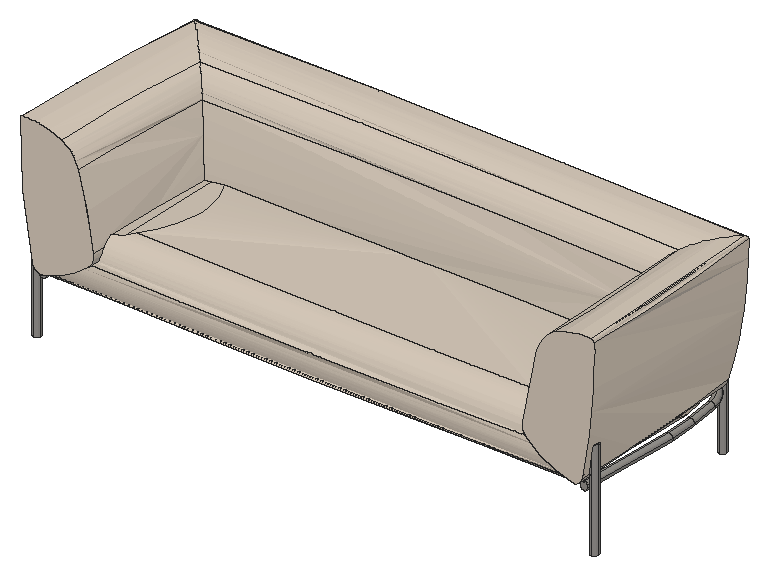
Revit family "FU_Sofa_Sandler_Aria 412-22", category Furniture, Revit 2020
Family settings
  OmniClass Number = 23.40.20.00
  OmniClass Title = General Furniture and Specialties
  Work Plane-Based = No
  Always vertical = Yes
  Cut with Voids When Loaded = No
  Shared = No
  Room Calculation Point = No
Parameters (values of type "Aria 412.22")
  Width = 2200 mm
  URL = "https://www.sandlerseating.com/product/aria-412-22/"
  Seat [instance] = Fabric - Manhattan - Bronx YI364
  Model = "Aria 412.22"
  Manufacturer = "Sandler"
  Height = 760 mm
  Frame [instance] = Metal Lacquers - F074 Mud
  Description = "Upholstered sofa with steel frame."
  Depth = 800 mm
  Default Elevation = 0 mm
Reference planes
  plane 1 "Center (Front/Back)": y = 0
  plane 2: z = 0
  plane 3 "Center (Left/Right)": x = 0
  plane 4 "Right": x = -1100
  plane 5 "Left": x = 1100
  plane 6 "Back": y = 400
  plane 7 "Front": y = -400
  plane 8 "Height": z = 760
  plane 9 "Seat height": z = 430
  plane 10 "FRL FRONT": x = -1066.27
  plane 11 "BRL FRONT": x = -977.998
  plane 12 "Frame Support FRONT": z = 225.024
Forms (mm)
  Sweep 1, solid, material "Metal Lacquers - F074 Mud" <- "Frame"
    path origin (-1066.27, 0, 0) x (0, 0, 1) y (0, -1, 0)
      loop
        line (0, 359.337) -> (378, 359.337)
    profile "Pro_Circles : 30mm" origin (-1066.27, -359.337, 189) x (0, -1, 0) y (1, 0, 0)
      loop
        arc (-14.967, 0.067) -> (-10.65, -10.556) -> (-0.067, -14.967) r 14.901
        arc (-0.067, -14.967) -> (10.603, -10.603) -> (14.967, 0.067) r 14.901
        arc (14.967, 0.067) -> (10.556, 10.65) -> (-0.067, 14.967) r 14.9
        arc (-0.067, 14.967) -> (-10.602, 10.602) -> (-14.967, 0.067) r 14.9
  Sweep 2, solid, material "Metal Lacquers - F074 Mud" <- "Frame"
    path origin (-977.998, 0, 0) x (0, 0, 1) y (0, -1, 0)
      loop
        line (586, -364.707) -> (0, -364.707)
    profile "Pro_Circles : 30mm" origin (-977.998, 364.707, 293) x (0, 1, 0) y (1, 0, 0)
      loop
        arc (-14.967, 0.067) -> (-10.65, -10.556) -> (-0.067, -14.967) r 14.901
        arc (-0.067, -14.967) -> (10.603, -10.603) -> (14.967, 0.067) r 14.901
        arc (14.967, 0.067) -> (10.556, 10.65) -> (-0.067, 14.967) r 14.9
        arc (-0.067, 14.967) -> (-10.602, 10.602) -> (-14.967, 0.067) r 14.9
  Sweep 3, solid, material "Metal Lacquers - F074 Mud" <- "Frame"
    path origin (0, 0, 225.024) x (0, -1, 0) y (1, 0, 0)
      loop
        line (369.394, -1035.234) -> (-18.546, -1048.388)
        arc (-18.546, -1048.388) -> (-73.261, -1047.884) -> (-127.73, -1042.672) r 635
        line (-127.73, -1042.672) -> (-246.28, -1026.148)
        arc (-246.28, -1026.148) -> (-334.133, -981.048) -> (-374.851, -891.08) r 149.856
        line (-374.851, -891.08) -> (-380.195, -753.404)
    profile "Pro_Circles : 30mm" origin (-1041.811, -175.424, 225.024) x (-0.999426, -0.033889, 0) y (0, 0, 1)
      loop
        arc (-14.967, 0.067) -> (-10.65, -10.556) -> (-0.067, -14.967) r 14.901
        arc (-0.067, -14.967) -> (10.603, -10.603) -> (14.967, 0.067) r 14.901
        arc (14.967, 0.067) -> (10.556, 10.65) -> (-0.067, 14.967) r 14.9
        arc (-0.067, 14.967) -> (-10.602, 10.602) -> (-14.967, 0.067) r 14.9
  Sweep 4, solid, material "Metal Lacquers - F074 Mud" <- "Frame"
    path origin (1066.27, 0, 0) x (0, 0, 1) y (0, 1, 0)
      loop
        line (0, -359.337) -> (378, -359.337)
    profile "Pro_Circles : 30mm" origin (1066.27, -359.337, 189) x (0, 1, 0) y (-1, 0, 0)
      loop
        arc (14.967, 0.067) -> (10.602, 10.602) -> (0.067, 14.967) r 14.9
        arc (0.067, 14.967) -> (-10.556, 10.65) -> (-14.967, 0.067) r 14.9
        arc (-14.967, 0.067) -> (-10.603, -10.603) -> (0.067, -14.967) r 14.901
        arc (0.067, -14.967) -> (10.65, -10.556) -> (14.967, 0.067) r 14.901
  Sweep 5, solid, material "Metal Lacquers - F074 Mud" <- "Frame"
    path origin (977.998, 0, 0) x (0, 0, 1) y (0, 1, 0)
      loop
        line (586, 364.707) -> (0, 364.707)
    profile "Pro_Circles : 30mm" origin (977.998, 364.707, 293) x (0, -1, 0) y (-1, 0, 0)
      loop
        arc (14.967, 0.067) -> (10.602, 10.602) -> (0.067, 14.967) r 14.9
        arc (0.067, 14.967) -> (-10.556, 10.65) -> (-14.967, 0.067) r 14.9
        arc (-14.967, 0.067) -> (-10.603, -10.603) -> (0.067, -14.967) r 14.901
        arc (0.067, -14.967) -> (10.65, -10.556) -> (14.967, 0.067) r 14.901
  Sweep 6, solid, material "Metal Lacquers - F074 Mud" <- "Frame"
    path origin (0, 0, 225.024) x (0, -1, 0) y (-1, 0, 0)
      loop
        line (369.394, -1035.234) -> (-18.546, -1048.388)
        arc (-18.546, -1048.388) -> (-73.261, -1047.884) -> (-127.73, -1042.672) r 635
        line (-127.73, -1042.672) -> (-246.28, -1026.148)
        arc (-246.28, -1026.148) -> (-334.133, -981.048) -> (-374.851, -891.08) r 149.856
        line (-374.851, -891.08) -> (-380.195, -753.404)
    profile "Pro_Circles : 30mm" origin (1041.811, -175.424, 225.024) x (-0.999426, 0.033889, 0) y (0, 0, 1)
      loop
        arc (14.967, 0.067) -> (10.602, 10.602) -> (0.067, 14.967) r 14.9
        arc (0.067, 14.967) -> (-10.556, 10.65) -> (-14.967, 0.067) r 14.9
        arc (-14.967, 0.067) -> (-10.603, -10.603) -> (0.067, -14.967) r 14.901
        arc (0.067, -14.967) -> (10.65, -10.556) -> (14.967, 0.067) r 14.901
  Sweep 7, solid, material "Fabric - Manhattan - Bronx YI364" <- "Seat"
    path origin (0, 0, 225.024) x (0, -1, 0) y (1, 0, 0)
      loop
        arc (382.146, -1091.077) -> (400, 0) -> (382.146, 1091.077) r 33346.802
    profile "Pro_AriaSofa_Seat : Pro_AriaSofa_Seat" origin (0, -400, 225.024) x (0, 1, 0) y (0, 0, 1)
      loop
        arc (120.1, 195.363) -> (47.504, 169.317) -> (7.516, 103.365) r 115.433
        arc (7.516, 103.365) -> (-0.897, 58.642) -> (7.516, 13.918) r 123.084
        arc (7.516, 13.918) -> (35.946, -8.155) -> (71.24, -15.214) r 78.476
        line (71.24, -15.214) -> (571.04, -15.214)
        arc (571.04, -15.214) -> (649.825, -3.543) -> (725.974, 19.794) r 530.368
        arc (725.974, 19.794) -> (749.747, 45.619) -> (744.002, 80.247) r 40
        arc (744.002, 80.247) -> (657.046, 159.393) -> (545.1, 195.363) r 277.144
        arc (545.1, 195.363) -> (332.6, 205.693) -> (120.1, 195.363) r 2190.93
  Extrusion 8, void
    sketch origin (0, 0, 0) x (1, 0, 0) y (0, 0, 1)
      loop
        arc (-1004.568, 312.946) -> (-900.003, 383.013) -> (-778.941, 417.467) r 403.67
        line (-778.941, 417.467) -> (-525.797, 448.178) -> (-1115.797, 448.178) -> (-1115.797, 188.178) -> (-881.831, 188.178) -> (-992.965, 222.79)
        arc (-992.965, 222.79) -> (-1027.688, 264.146) -> (-1004.568, 312.946) r 50
    from -425.199 to 431.727
  Extrusion 9, void
    sketch origin (0, 0, 0) x (-1, 0, 0) y (0, 0, -1)
      loop
        arc (-1004.568, -312.946) -> (-1027.688, -264.146) -> (-992.965, -222.79) r 50
        line (-992.965, -222.79) -> (-881.831, -188.178) -> (-1115.797, -188.178) -> (-1115.797, -448.178) -> (-525.797, -448.178) -> (-778.941, -417.467)
        arc (-778.941, -417.467) -> (-900.003, -383.013) -> (-1004.568, -312.946) r 403.67
    from -425.199 to 431.727
  Extrusion 10, void
    sketch origin (0, 0, 225.024) x (0, -1, 0) y (1, 0, 0)
      loop
        arc (384.653, -1004.471) -> (377.324, -1019.008) -> (362.599, -1025.951) r 25
        arc (362.599, -1025.951) -> (56.95, -1045.159) -> (-242.789, -982.341) r 1140.465
        arc (-242.789, -982.341) -> (-314.744, -933.66) -> (-353.999, -856.159) r 173.158
        line (-353.999, -856.159) -> (-365.352, -711.604) -> (-400, -711.604) -> (-400, -1066.27) -> (400, -1066.27) -> (400, -977.998) -> (388.256, -977.998) -> (384.653, -1004.471)
    from -45.875 to 233.729
  Extrusion 11, void
    sketch origin (0, 0, 225.024) x (0, -1, 0) y (1, 0, 0)
      loop
        line (384.653, 1004.471) -> (388.256, 977.998) -> (400, 977.998) -> (400, 1066.27) -> (-400, 1066.27) -> (-400, 711.604) -> (-365.352, 711.604) -> (-353.999, 856.159)
        arc (-353.999, 856.159) -> (-314.744, 933.66) -> (-242.789, 982.341) r 173.158
        arc (-242.789, 982.341) -> (56.95, 1045.159) -> (362.599, 1025.951) r 1140.465
        arc (362.599, 1025.951) -> (377.324, 1019.008) -> (384.653, 1004.471) r 25
    from -45.875 to 233.729
  Sweep 12, solid, material "Fabric - Manhattan - Bronx YI364" <- "Seat"
    path origin (0, 0, 225.024) x (0, -1, 0) y (1, 0, 0)
      loop
        arc (400, -1099.407) -> (6.571, -1092.837) -> (-385.575, -1060.407) r 5979.838
        arc (-385.575, -1060.407) -> (-400, 0) -> (-385.575, 1060.407) r 38982.107
        arc (-385.575, 1060.407) -> (6.571, 1092.837) -> (400, 1099.407) r 5979.838
    profile "Pro_AriaSofa_Back : Pro_AriaSofa_Back" origin (0, 400, 225.024) x (0, 1, 0) y (0, 0, 1)
      loop
        arc (-279.949, 156.108) -> (-276.419, 126.554) -> (-259.122, 102.333) r 60
        arc (-259.122, 102.333) -> (-179.02, 49.731) -> (-88.777, 17.486) r 403.797
        arc (-88.777, 17.486) -> (-62.03, 22.193) -> (-46.701, 44.613) r 35
        arc (-46.701, 44.613) -> (-11.028, 283.193) -> (-0.725, 524.206) r 2283.333
        arc (-0.725, 524.206) -> (-4.033, 532.359) -> (-12.014, 536.064) r 12
        arc (-12.014, 536.064) -> (-87.366, 530.478) -> (-158.589, 505.249) r 284.419
        arc (-158.589, 505.249) -> (-197.735, 469.797) -> (-223.014, 423.426) r 158.042
        arc (-223.014, 423.426) -> (-256.701, 290.879) -> (-279.949, 156.108) r 1752.259
Cuts and joins
  Extrusion 8, Extrusion 9, Extrusion 10, Extrusion 11 cuts Sweep 7
  Extrusion 11 cuts Sweep 1
  Extrusion 11 cuts Sweep 2
  Extrusion 11 cuts Sweep 3
Dimensions and locks
  equal spacing: plane 4 "Right", plane 3 "Center (Left/Right)", plane 5 "Left"
  "Width": plane 4 "Right" to plane 5 "Left"
  equal spacing: plane 6 "Back", plane 1 "Center (Front/Back)", plane 7 "Front"
  "Depth": plane 6 "Back" to plane 7 "Front"
  "Height": plane 8 "Height" to level
  plane 9 "Seat height" to level = 430 mm
  aligned and locked: level to plane 2
Automatic sketch dimensions
  Sweep 1 sketch curve to level = 0 mm
  Sweep 1 sketch curve to plane 9 "Seat height" = 52 mm
  plane 7 "Front" to Sweep 1 sketch curve = 40.663 mm
  Sweep 2 sketch curve to level = 0 mm
  Sweep 2 sketch curve to plane 6 "Back" = 35.293 mm
  plane 9 "Seat height" to Sweep 2 sketch curve = 156 mm
  Sweep 3 sketch curve to plane 6 "Back" = 25.149 mm
  plane 10 "FRL FRONT" to Sweep 3 sketch curve = 40.123 mm
  Sweep 3 sketch curve to plane 6 "Back" = 153.72 mm
  plane 11 "BRL FRONT" to Sweep 3 sketch curve = 100.271 mm
  Sweep 3 sketch curve to Sweep 3 sketch curve = 149.26 mm
  plane 10 "FRL FRONT" to Sweep 3 sketch curve = 23.598 mm
  Sweep 3 sketch curve to Sweep 3 sketch curve = 118.55 mm
  Sweep 3 sketch curve to plane 1 "Center (Front/Back)" = 40.065 mm
  Sweep 3 sketch curve to plane 1 "Center (Front/Back)" = 18.546 mm
  Sweep 3 sketch curve to Sweep 3 sketch curve = 5.716 mm
  Sweep 3 sketch curve to plane 6 "Back" = 19.805 mm
  plane 7 "Front" to Sweep 3 sketch curve = 30.606 mm
  plane 10 "FRL FRONT" to Sweep 3 sketch curve = 31.037 mm
  Sweep 3 sketch curve to Sweep 3 sketch curve = 137.676 mm
  Sweep 4 sketch curve to level = 0 mm
  plane 7 "Front" to Sweep 4 sketch curve = 40.663 mm
  Sweep 4 sketch curve to plane 9 "Seat height" = 52 mm
  Sweep 5 sketch curve to level = 0 mm
  Sweep 5 sketch curve to plane 6 "Back" = 35.293 mm
  plane 9 "Seat height" to Sweep 5 sketch curve = 156 mm
  plane 6 "Back" to Sweep 6 sketch curve = 25.149 mm
  plane 6 "Back" to Sweep 6 sketch curve = 153.72 mm
  Sweep 6 sketch curve to Sweep 6 sketch curve = 149.26 mm
  Sweep 6 sketch curve to plane 5 "Left" = 57.328 mm
  Sweep 6 sketch curve to Sweep 6 sketch curve = 118.55 mm
  plane 1 "Center (Front/Back)" to Sweep 6 sketch curve = 40.065 mm
  plane 1 "Center (Front/Back)" to Sweep 6 sketch curve = 18.546 mm
  Sweep 6 sketch curve to Sweep 6 sketch curve = 5.716 mm
  Sweep 6 sketch curve to plane 5 "Left" = 73.852 mm
  Sweep 6 sketch curve to Sweep 6 sketch curve = 135.068 mm
  plane 6 "Back" to Sweep 6 sketch curve = 19.805 mm
  Sweep 6 sketch curve to plane 7 "Front" = 30.606 mm
  Sweep 6 sketch curve to plane 5 "Left" = 64.766 mm
  Sweep 6 sketch curve to Sweep 6 sketch curve = 137.676 mm
  Sweep 7 sketch curve to plane 3 "Center (Left/Right)" = 0 mm
  plane 6 "Back" to Sweep 7 sketch curve = 32546.802 mm
  plane 5 "Left" to Sweep 7 sketch curve = 8.923 mm
  plane 7 "Front" to Sweep 7 sketch curve = 17.854 mm
  Sweep 7 sketch curve to plane 4 "Right" = 8.923 mm
  plane 4 "Right" to Extrusion 8 sketch curve = 15.797 mm
  plane 12 "Frame Support FRONT" to Extrusion 8 sketch curve = 2.234 mm
  Extrusion 8 sketch curve to plane 11 "BRL FRONT" = 14.967 mm
  Extrusion 8 sketch curve to plane 11 "BRL FRONT" = 0.1 mm
  plane 12 "Frame Support FRONT" to Extrusion 8 sketch curve = 36.846 mm
  plane 11 "BRL FRONT" to Extrusion 8 sketch curve = 96.167 mm
  Extrusion 8 sketch curve to plane 9 "Seat height" = 12.533 mm
  plane 11 "BRL FRONT" to Extrusion 8 sketch curve = 199.057 mm
  level to Extrusion 8 sketch curve = 16.736 mm
  Extrusion 8 sketch curve to Extrusion 8 sketch curve = 151.505 mm
  plane 9 "Seat height" to Extrusion 8 sketch curve = 18.178 mm
  Extrusion 8 sketch curve to Extrusion 8 sketch curve = 253.144 mm
  Extrusion 8 sketch curve to Extrusion 8 sketch curve = 47.738 mm
  plane 5 "Left" to Extrusion 9 sketch curve = 15.797 mm
  Extrusion 9 sketch curve to plane 12 "Frame Support FRONT" = 2.234 mm
  Extrusion 9 sketch curve to plane 5 "Left" = 107.035 mm
  Extrusion 9 sketch curve to Extrusion 9 sketch curve = 14.868 mm
  Extrusion 9 sketch curve to plane 12 "Frame Support FRONT" = 36.846 mm
  Extrusion 9 sketch curve to Extrusion 9 sketch curve = 111.134 mm
  plane 9 "Seat height" to Extrusion 9 sketch curve = 12.533 mm
  Extrusion 9 sketch curve to Extrusion 9 sketch curve = 199.156 mm
  Extrusion 9 sketch curve to level = 16.736 mm
  Extrusion 9 sketch curve to Extrusion 9 sketch curve = 151.505 mm
  Extrusion 9 sketch curve to plane 9 "Seat height" = 18.178 mm
  Extrusion 9 sketch curve to Extrusion 9 sketch curve = 253.144 mm
  Extrusion 9 sketch curve to Extrusion 9 sketch curve = 47.738 mm
  Extrusion 10 sketch curve to plane 6 "Back" = 0 mm
  Extrusion 10 sketch curve to plane 11 "BRL FRONT" = 0 mm
  Extrusion 10 sketch curve to plane 7 "Front" = 0 mm
  Extrusion 10 sketch curve to plane 10 "FRL FRONT" = 0 mm
  Extrusion 10 sketch curve to plane 6 "Back" = 34.648 mm
  Extrusion 10 sketch curve to plane 6 "Back" = 46.001 mm
  Extrusion 10 sketch curve to Extrusion 10 sketch curve = 169.161 mm
  plane 1 "Center (Front/Back)" to Extrusion 10 sketch curve = 138.893 mm
  Extrusion 10 sketch curve to plane 11 "BRL FRONT" = 23.101 mm
  plane 7 "Front" to Extrusion 10 sketch curve = 40.119 mm
  plane 7 "Front" to Extrusion 10 sketch curve = 15.347 mm
  Extrusion 10 sketch curve to Extrusion 10 sketch curve = 11.744 mm
  Extrusion 10 sketch curve to Extrusion 10 sketch curve = 3.372 mm
  plane 11 "BRL FRONT" to Extrusion 10 sketch curve = 121.839 mm
  plane 11 "BRL FRONT" to Extrusion 10 sketch curve = 158.83 mm
  Extrusion 10 sketch curve to Extrusion 10 sketch curve = 144.555 mm
  plane 3 "Center (Left/Right)" to Extrusion 10 sketch curve = 92.359 mm
  Extrusion 10 sketch curve to Extrusion 10 sketch curve = 0 mm
  Extrusion 11 sketch curve to plane 6 "Back" = 0 mm
  Extrusion 11 sketch curve to plane 7 "Front" = 0 mm
  plane 6 "Back" to Extrusion 11 sketch curve = 34.648 mm
  plane 6 "Back" to Extrusion 11 sketch curve = 46.001 mm
  Extrusion 11 sketch curve to Extrusion 11 sketch curve = 169.161 mm
  Extrusion 11 sketch curve to plane 1 "Center (Front/Back)" = 138.893 mm
  Extrusion 11 sketch curve to plane 7 "Front" = 40.119 mm
  Extrusion 11 sketch curve to plane 7 "Front" = 15.347 mm
  Extrusion 11 sketch curve to Extrusion 11 sketch curve = 11.744 mm
  Extrusion 11 sketch curve to plane 5 "Left" = 33.73 mm
  Extrusion 11 sketch curve to Extrusion 11 sketch curve = 61.8 mm
  Extrusion 11 sketch curve to Extrusion 11 sketch curve = 3.372 mm
  Extrusion 11 sketch curve to Extrusion 11 sketch curve = 26.473 mm
  Extrusion 11 sketch curve to Extrusion 11 sketch curve = 210.111 mm
  Extrusion 11 sketch curve to Extrusion 11 sketch curve = 36.991 mm
  Extrusion 11 sketch curve to Extrusion 11 sketch curve = 144.555 mm
  plane 3 "Center (Left/Right)" to Extrusion 11 sketch curve = 92.359 mm
  Extrusion 11 sketch curve to Extrusion 11 sketch curve = 0 mm
  Sweep 12 sketch curve to plane 7 "Front" = 0 mm  (x2)
  Sweep 12 sketch curve to plane 3 "Center (Left/Right)" = 0 mm
  plane 7 "Front" to Sweep 12 sketch curve = 96.931 mm  (x2)
  Sweep 12 sketch curve to plane 7 "Front" = 38182.107 mm
  plane 4 "Right" to Sweep 12 sketch curve = 3779.646 mm
  Sweep 12 sketch curve to plane 5 "Left" = 3779.646 mm
  Sweep 12 sketch curve to plane 6 "Back" = 14.425 mm
  plane 10 "FRL FRONT" to Sweep 12 sketch curve = 5.863 mm
  Sweep 12 sketch curve to plane 1 "Center (Front/Back)" = 385.575 mm
